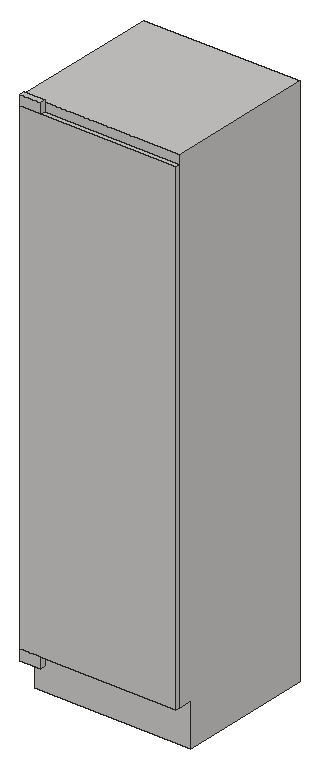
Revit family "RF461704", category Generic Models, Revit 2014
Parameters (values of type "RF461705")
  Width = 610 mm
  URL = "http://www.gaggenau.com."
  Model = "RF461705"
  Manufacturer = "Gaggenau"
  Height = 2125 mm
  Handle = Metal Panel
  Fridge = Metal Panel
  Door = Metal Panel
  Description = "Gaggenau 24\" Freezer column with integrated ice maker"
  Depth = 608 mm
Reference planes
  plane 1 "Center (Front/Back)": y = 0
  plane 2: z = 0
  plane 3 "Center (Left/Right)": x = 0
  plane 4: z = 2125
  plane 5: x = -305
  plane 6: x = 305
  plane 7: y = 266.012
  plane 8: y = -341.988
  plane 9: z = 181
  plane 10: z = 102
  plane 11: z = 14.093
  plane 12: z = 2131
  plane 13: z = 2091
  plane 14: y = -268.988
  plane 15: y = -321.988
  plane 16: x = 244.794
Forms (mm)
  Extrusion 1, solid, material "Metal Panel" <- "Fridge"
    sketch origin (0, 0, 0) x (0, 1, 0) y (0, 0, 1)
      loop
        line (266.012, 2125) -> (-321.988, 2125) -> (-321.988, 181) -> (-268.988, 181) -> (-268.988, 14.093) -> (266.012, 14.093) -> (266.012, 2125)
    from -305 to 305
  Extrusion 2, solid, material "Metal Panel" <- "Door"
    sketch origin (0, 0, 0) x (1, 0, 0) y (0, 0, 1)
      loop
        line (-305, 181) -> (305, 181) -> (305, 2091) -> (-305, 2091) -> (-305, 181)
    from 321.988 to 341.988
  Extrusion 3, solid, material "Metal Panel" <- "Door"
    sketch origin (-530, 0, -0.35) x (1, 0, 0) y (0, 0, 1)
      loop
        line (305, 2131.35) -> (225, 2131.35) -> (225, 2091.35) -> (305, 2091.35) -> (305, 2131.35)
      loop
        line (305, 181.35) -> (225, 181.35) -> (225, 141.35) -> (305, 141.35) -> (305, 181.35)
    from 321.988 to 341.988
  Extrusion 4, solid, material "Metal Panel" <- "Fridge"
    sketch origin (0, 0, 0) x (1, 0, 0) y (0, 1, 0)
      loop
        circle (-273.403, -159.898) r 11.868
      loop
        circle (-273.403, 159.898) r 11.868
      loop
        circle (273.403, -159.898) r 11.868
      loop
        circle (273.403, 159.898) r 11.868
    from 0 to 14.093
Dimensions and locks
  "Width": plane 5 to plane 6
  plane 7 to plane 8 = 608 mm  (x2)
  plane 4 to plane 2 = 2125 mm
  plane 9 to plane 2 = 181 mm
  plane 10 to plane 2 = 102 mm
  plane 12 to plane 13 = 40 mm
  plane 14 to plane 8 = 73 mm
  plane 6 to plane 16 = 60.206 mm
  equal spacing: plane 5, plane 3 "Center (Left/Right)", plane 6
  plane 12 to plane 10 = 2029 mm
  aligned and locked: level to plane 2
  aligned and locked: plane 5 to Extrusion 1
  aligned and locked: plane 6 to Extrusion 1
  aligned and locked: Extrusion 2 to plane 8
  aligned and locked: Extrusion 2 to Extrusion 1
  aligned and locked: Extrusion 3 to plane 8
  aligned and locked: Extrusion 3 to Extrusion 1
  aligned and locked: plane 13 to Extrusion 2 sketch curve
  aligned and locked: plane 6 to Extrusion 2 sketch curve
  aligned and locked: plane 5 to Extrusion 2 sketch curve
Automatic sketch dimensions
  Extrusion 1 sketch curve to plane 4 = 0 mm
  Extrusion 1 sketch curve to plane 15 = 0 mm
  Extrusion 1 sketch curve to plane 9 = 0 mm
  Extrusion 1 sketch curve to plane 14 = 0 mm
  Extrusion 1 sketch curve to plane 7 = 0 mm
  Extrusion 1 sketch curve to plane 11 = 0 mm
  Extrusion 4 sketch curve to plane 5 = 31.597 mm  (x2)
  plane 16 to Extrusion 4 sketch curve = 28.608 mm  (x2)
  Extrusion 4 sketch curve to plane 14 = 109.089 mm  (x2)
  Extrusion 4 sketch curve to plane 7 = 106.114 mm  (x2)
  plane 10 to Extrusion 2 sketch curve = 79 mm
  Extrusion 3 sketch curve to plane 16 = 549.794 mm  (x2)
  Extrusion 3 sketch curve to plane 12 = 0 mm
  Extrusion 3 sketch curve to plane 6 = 530 mm  (x2)
  Extrusion 3 sketch curve to plane 9 = 0 mm
  Extrusion 3 sketch curve to plane 13 = 0 mm
  Extrusion 3 sketch curve to plane 9 = 40 mm
  radius of Extrusion 4 sketch curve = 11.868 mm  (x4)
